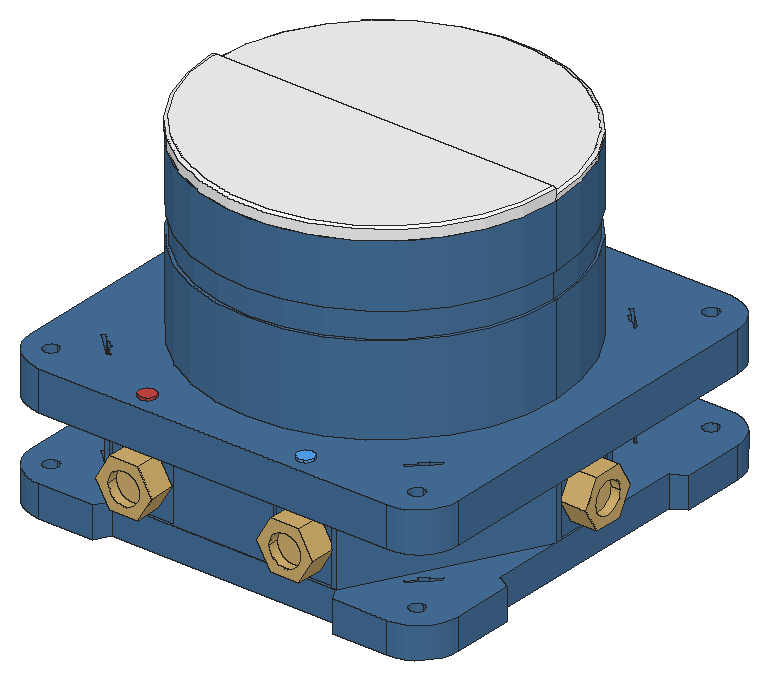
Revit family "Rough-In_Box-Universal-Grohe-Rapido-35601", category Plumbing Fixtures, host Face, Revit 2019
Family settings
  Host = Face
  Round Connector Dimension = Use Diameter
  Part Type = Normal
  OmniClass Number = 23.65.55.14.11
  OmniClass Title = Inlet/Outlet Valves for Liquid Services
  Cut with Voids When Loaded = Yes
  Shared = Yes
  Room Calculation Point = No
Parameters (values of type "35601000")
  Width = 7 1/16"
  Waste Connection = no
  Warranty Information = "Limited Lifetime Warranty"
  WFU = 4
  Vent Connection = no
  URL = "https://www.grohe.ca/en_ca/"
  Type Comments = ""
  Revised Date = "11/14/2023"
  Product Page URL = "https://www.grohe.ca/Diverter-Valves-Trims/Universal-Rough-In-Box/GROHE-NO-FINISH-35601000?gad_source=1&gclid=CjwKCAiA0syqBhBxEiwAeNx9N_Qd0zaOqZb1xldY0tOnhG6A_JnK9a7baYGUlCFghxJznnqlMiEuCBoCKqMQAvD_BwE"
  Product Documentation Link = "https://lixil.cdn.celum.cloud/20030_35601_0_RapidoSmartBox_SpecSheet_original.pdf"
  Price = "Prices may vary. Please consult Manufacturer Representative for most up-to-date price list."  # constant formula
  Port C Connection Description = if(Port C, "1/2'' Global Outlet NPT-FIP ", "")  # "1/2'' Global Outlet NPT-FIP "
  Port C Connection = if(Port C, 1/2", 0")  # 1/2"
  Port C = yes
  Port B Connection Description = if(Port B, "1/2''Global Outlet NPT-FIP", "")  # "1/2''Global Outlet NPT-FIP"
  Port B Connection = if(Port B, 1/2", 0")  # 1/2"
  Port B = yes
  Port A Connection Description = if(Port A, "1/2'' Global Outlet NPT-FIP", "")  # "1/2'' Global Outlet NPT-FIP"
  Port A Connection = if(Port A, 1/2", 0")  # 1/2"
  Port A = yes
  Model = "35601000"
  Material = "Plastic-GROHE-Blue"
  Manufacturer = "Grohe"
  Length = 7 1/16"
  Installation Type = "In-Wall"
  Hot Water Connection Diameter = 1/2"
  HWFU = 3
  HW Connection = yes
  Finish = Plastic-GROHE-Blue
  Description = "Rapido Smartbox Universal Rough-In Box"
  Depth = 2 15/16"
  Default Elevation = 40"
  Creation Date = "15/12/2017"
  Cold Water Connection Diameter = 1/2"
  CWFU = 3
  CW Connection = yes
  Assembly Code = "D2020300"
Reference planes (in)
  plane 1 "Center (Front/Back)": y = 0
  plane 2: z = 0
  plane 3 "Center (Left/Right)": x = 0
  plane 4: y = -3.38044
  plane 5: y = 3.38044
  plane 6: z = -1.9375
  plane 7: x = -3.375
  plane 8: x = 3.375
  plane 9: x = 2.71875
  plane 10: y = 3.53125
  plane 11: y = -3.53125
  plane 12: x = -3.53125
  plane 13: x = 3.53125
  plane 14: z = -0.9375
  plane 15: z = -1.4375
  plane 16: z = -2.44835
  plane 17: z = -2.9375
Forms (in)
  Extrusion 1, void
    sketch origin (0, 0, 0) x (1, 0, 0) y (0, 1, 0)
      loop
        line (-2.87731, -3.53691) -> (2.87745, -3.53691)
        arc (2.87745, -3.53691) -> (3.33976, -3.34542) -> (3.53125, -2.88312) r 0.6538
        line (3.53125, -2.88312) -> (3.53125, 2.88303)
        arc (3.53125, 2.88303) -> (3.33972, 3.34543) -> (2.87731, 3.53696) r 0.65394
        line (2.87731, 3.53696) -> (-2.87731, 3.53696)
        arc (-2.87731, 3.53696) -> (-3.33972, 3.34543) -> (-3.53125, 2.88303) r 0.65394
        line (-3.53125, 2.88303) -> (-3.53125, -2.88298)
        arc (-3.53125, -2.88298) -> (-3.33972, -3.34538) -> (-2.87731, -3.53691) r 0.65394
    from -2.9375 to 0.58835
  Revolve 2, solid, material "Plastic-GROHE-Blue"
    sketch origin (30.01502, 0, 10.65854) x (1, 0, 0) y (0, 0, 1)
      loop
        line (-27.29627, -11.47104) -> (-27.29627, -10.07019) -> (-27.33934, -10.07019) -> (-27.33934, -9.65314) -> (-27.29627, -9.65314) -> (-27.29627, -8.65854) -> (-30.01502, -8.65854) -> (-30.01502, -11.47104) -> (-27.29627, -11.47104)
      axis (-30.01502, -11.47104) -> (-30.01502, -8.65854)
    angle from 0 to 360
  Revolve 3, solid, material "Plastic-GROHE-White"
    sketch origin (-31.16183, -0.00055, 9.60974) x (-1, 0, 0) y (0, 0, 1)
      loop
        line (-28.44364, -7.60974) -> (-28.44364, -7.44594) -> (-28.49288, -7.41831) -> (-31.16183, -7.41831) -> (-31.16183, -7.60974) -> (-28.44364, -7.60974)
      axis (-31.16183, -7.60974) -> (-31.16183, -7.41831)
    angle from 0 to 180
  Revolve 4, solid, material "Plastic-GROHE-White"
    sketch origin (-29.64683, -0.00055, 11.70527) x (-1, 0, 0) y (0, 0, 1)
      loop
        line (-26.92863, -9.70527) -> (-26.92863, -9.63321) -> (-26.97805, -9.60558) -> (-29.64683, -9.60558) -> (-29.64683, -9.70527) -> (-26.92863, -9.70527)
      axis (-29.64683, -9.70527) -> (-29.64683, -9.60558)
    angle from 0 to -180
  Extrusion 5, solid, material "Plastic-GROHE-Blue"
    sketch origin (29.39188, 12.31267, -1.64741) x (1, 0, 0) y (0, 1, 0)
      loop
        arc (-26.64174, -15.69311) -> (-26.1999, -15.51009) -> (-26.01688, -15.06824) r 0.62487
        line (-26.01688, -15.06824) -> (-26.01688, -9.55723)
        arc (-26.01688, -9.55723) -> (-26.19994, -9.11529) -> (-26.64188, -8.93223) r 0.625
        line (-26.64188, -8.93223) -> (-32.14188, -8.93223)
        arc (-32.14188, -8.93223) -> (-32.58382, -9.11529) -> (-32.76688, -9.55723) r 0.625
        line (-32.76688, -9.55723) -> (-32.76688, -15.06811)
        arc (-32.76688, -15.06811) -> (-32.58382, -15.51005) -> (-32.14188, -15.69311) r 0.625
        line (-32.14188, -15.69311) -> (-26.64174, -15.69311)
    from 0.20991 to 0.83491
  Extrusion 6, solid, material "Plastic-GROHE-Blue"
    sketch origin (-29.3596, -15.51746, -1.5498) x (-1, 0, 0) y (0, -1, 0)
      loop
        line (-32.5181, -16.05548) -> (-29.89755, -18.68146) -> (-29.81727, -18.68146) -> (-29.81727, -18.64062) -> (-28.90181, -18.64062) -> (-28.90181, -18.68146) -> (-28.82152, -18.68146) -> (-26.20098, -16.05548) -> (-26.20098, -15.97519) -> (-26.24182, -15.97519) -> (-26.24182, -15.05974) -> (-26.20098, -15.05974) -> (-26.20098, -14.97945) -> (-27.47303, -12.35347) -> (-27.55345, -12.35347) -> (-27.55345, -12.39431) -> (-28.56865, -12.39431) -> (-28.56865, -12.35347) -> (-30.15056, -12.35347) -> (-30.15056, -12.39431) -> (-31.06601, -12.39431) -> (-31.06601, -12.35347) -> (-31.1463, -12.35347) -> (-32.5181, -14.97945) -> (-32.5181, -15.05974) -> (-32.47726, -15.05974) -> (-32.47726, -15.97519) -> (-32.5181, -15.97519) -> (-32.5181, -16.05548)
    from -0.89855 to 0.1123
  Extrusion 7, solid, material "Plastic-GROHE-Blue"
    sketch origin (-15.05213, -0.15327, -3.37003) x (-1, 0, 0) y (0, -1, 0)
      loop
        arc (-17.80226, 3.22717) -> (-18.24411, 3.04415) -> (-18.42713, 2.6023) r 0.62487
        line (-18.42713, 2.6023) -> (-18.42713, 1.6418) -> (-18.21076, 1.51688) -> (-18.21076, -1.82341) -> (-18.42713, -1.94833) -> (-18.42713, -2.9087)
        arc (-18.42713, -2.9087) -> (-18.24407, -3.35064) -> (-17.80213, -3.5337) r 0.625
        line (-17.80213, -3.5337) -> (-16.94701, -3.5337) -> (-16.82209, -3.31733) -> (-13.28231, -3.31733) -> (-13.15739, -3.5337) -> (-12.30213, -3.5337)
        arc (-12.30213, -3.5337) -> (-11.86019, -3.35064) -> (-11.67713, -2.9087) r 0.625
        line (-11.67713, -2.9087) -> (-11.67713, -1.94841) -> (-11.89364, -1.82341) -> (-11.89364, 1.51688) -> (-11.67713, 1.64188) -> (-11.67713, 2.60217)
        arc (-11.67713, 2.60217) -> (-11.86019, 3.04411) -> (-12.30213, 3.22717) r 0.625
        line (-12.30213, 3.22717) -> (-13.15731, 3.22717) -> (-13.28231, 3.01067) -> (-16.82209, 3.01067) -> (-16.94709, 3.22717) -> (-17.80226, 3.22717)
    from 0.43253 to 0.92168
  Extrusion 8, solid, material "Copper-Grohe-000-Brass"
    sketch origin (-3.11779, -0.01465, -0.88119) x (0, -1, 0) y (0, 0, 1)
      loop
        circle (-0.01465, -1.04147) r 0.25
    from -6.49279 to 0.25721
  Extrusion 9, solid, material "Copper-Grohe-000-Brass"
    sketch origin (-1.52776, -3.53125, -0.09937) x (1, 0, 0) y (0, 0, 1)
      loop
        line (0.01254, -1.45252) -> (-0.20792, -1.83438) -> (0.01254, -2.21624) -> (0.45347, -2.21624) -> (0.67394, -1.83438) -> (0.45347, -1.45252) -> (0.01254, -1.45252)
      loop
        circle (0.24013, -1.83816) r 0.25
    from -0.40503 to 0
  Extrusion 10, solid, material "Copper-Grohe-000-Brass"
    sketch origin (4.39964, -3.53125, -5.17845) x (-1, 0, 0) y (0, 0, -1)
      loop
        line (3.36254, -3.64436) -> (3.58313, -3.26228) -> (3.36254, -2.8802) -> (2.92135, -2.8802) -> (2.70076, -3.26228) -> (2.92135, -3.64436) -> (3.36254, -3.64436)
      loop
        circle (3.14195, -3.25589) r 0.25
    from -0.40503 to 0
  Extrusion 11, solid, material "Copper-Grohe-000-Brass"
    sketch origin (-3.53125, -0.52721, -0.90956) x (0, -1, 0) y (0, 0, 1)
      loop
        line (-0.74211, -0.64087) -> (-0.95702, -1.0131) -> (-0.74211, -1.38533) -> (-0.3123, -1.38533) -> (-0.09739, -1.0131) -> (-0.3123, -0.64087) -> (-0.74211, -0.64087)
      loop
        circle (-0.52721, -1.0131) r 0.25
    from -0.40503 to 0
  Extrusion 12, solid, material "Copper-Grohe-000-Brass"
    sketch origin (3.53125, 0.26778, -1.09583) x (0, 1, 0) y (0, 0, 1)
      loop
        line (-0.48636, -0.44727) -> (-0.70495, -0.82587) -> (-0.48636, -1.20448) -> (-0.04919, -1.20448) -> (0.1694, -0.82587) -> (-0.04919, -0.44727) -> (-0.48636, -0.44727)
      loop
        circle (-0.26778, -0.82587) r 0.25095
    from -0.40503 to 0
  Extrusion 13, solid, material "Copper-Grohe-000-Brass"
    sketch origin (-0.91755, 3.12316, -0.62554) x (1, 0, 0) y (0, 0, -1)
      loop
        circle (0.91755, 1.27769) r 0.25
    from -3.12316 to 0.25728
  Extrusion 14, solid, material "Copper-Grohe-000-Brass"
    sketch origin (-0.42911, 3.53125, -0.50715) x (1, 0, 0) y (0, 0, -1)
      loop
        line (0.64754, 1.01187) -> (0.86598, 1.39021) -> (0.64754, 1.76855) -> (0.21067, 1.76855) -> (-0.00777, 1.39021) -> (0.21067, 1.01187) -> (0.64754, 1.01187)
      loop
        circle (0.42911, 1.39534) r 0.24926
    from -0.40503 to 0
  Extrusion 15, solid, material "Copper-Grohe-000-Brass"
    sketch origin (-1.77537, -3.12316, -0.50888) x (1, 0, 0) y (0, 0, 1)
      loop
        circle (0.48774, -1.42864) r 0.25
    from -3.12622 to 0.25728
  Extrusion 16, solid, material "Copper-Grohe-000-Brass"
    sketch origin (4.44327, -3.12316, -5.857) x (-1, 0, 0) y (0, 0, -1)
      loop
        circle (3.18557, -3.93513) r 0.25
    from -3.12622 to 0.25728
  Extrusion 17, void
    sketch origin (26.40909, 13.36395, -0.8125) x (0, 1, 0) y (1, 0, 0)
      loop
        line (-11.33481, -24.0191) -> (-11.37727, -24.06156) -> (-11.25632, -24.18251) -> (-11.27937, -24.20555) -> (-11.17621, -24.30871) -> (-11.15316, -24.28567) -> (-11.02372, -24.41511) -> (-10.98126, -24.37265) -> (-11.33481, -24.0191)
      loop
        line (-11.36606, -28.77356) -> (-11.01251, -28.42) -> (-11.05497, -28.37755) -> (-11.18441, -28.50699) -> (-11.20746, -28.48395) -> (-11.31062, -28.58711) -> (-11.28757, -28.61015) -> (-11.40852, -28.7311) -> (-11.36606, -28.77356)
      loop
        circle (-10.46108, -23.56746) r 0.1162
      loop
        circle (-10.46108, -29.35019) r 0.1162
      loop
        line (-15.51919, -23.73785) -> (-15.87274, -24.0914) -> (-15.83028, -24.13386) -> (-15.70084, -24.00442) -> (-15.6778, -24.02746) -> (-15.57464, -23.9243) -> (-15.59768, -23.90126) -> (-15.47673, -23.78031) -> (-15.51919, -23.73785)
      loop
        line (-15.61294, -29.08606) -> (-15.57048, -29.0436) -> (-15.69143, -28.92265) -> (-15.66839, -28.89961) -> (-15.77155, -28.79645) -> (-15.79459, -28.81949) -> (-15.92403, -28.69005) -> (-15.96649, -28.7325) -> (-15.61294, -29.08606)
      loop
        circle (-16.26792, -23.56746) r 0.1162
      loop
        circle (-16.26792, -29.35019) r 0.1162
    from -0.20234 to 2.33839
  Extrusion 18, solid, material "Plastic-GROHE-Red"
    sketch origin (0, 0, 0) x (1, 0, 0) y (0, 1, 0)
      loop
        circle (-1.28094, -3.07456) r 0.12779
    from -0.8125 to -0.78346
  Extrusion 19, solid, material "Plastic-GROHE-Light-Blue"
    sketch origin (2.5, 0, 0) x (1, 0, 0) y (0, 1, 0)
      loop
        circle (-1.28094, -3.07456) r 0.12779
    from -0.8125 to -0.78346
Cuts and joins
  joined: Extrusion 8, Extrusion 9, Extrusion 10, Extrusion 11, Extrusion 13
  Extrusion 17 cuts Extrusion 5
  Extrusion 17 cuts Extrusion 7
Lines and regions (in)
  Masking region 1
    outline origin (0, 0, 0) x (1, 0, 0) y (0, 0, 1)
      loop
        line (-3.375, -2.9375) -> (3.375, -2.9375) -> (3.375, -2.44835) -> (3.15863, -2.44835) -> (3.15863, -2.29489) -> (3.53125, -2.29489) -> (3.53125, -1.55043) -> (3.15863, -1.55043) -> (3.15863, -1.4375) -> (3.375, -1.4375) -> (3.375, -0.8125) -> (2.71875, -0.8125) -> (2.71875, 0.58835) -> (2.67568, 0.58835) -> (2.67568, 1.0054) -> (2.71875, 1.0054) -> (2.71875, 2.16349) -> (2.66895, 2.19143) -> (-2.66895, 2.19143) -> (-2.71875, 2.16349) -> (-2.71875, 1.0054) -> (-2.67568, 1.0054) -> (-2.67568, 0.58835) -> (-2.71875, 0.58835) -> (-2.71875, -0.8125) -> (-3.375, -0.8125) -> (-3.375, -1.4375) -> (-3.15863, -1.4375) -> (-3.15863, -1.55043) -> (-3.53125, -1.55043) -> (-3.53125, -2.29489) -> (-3.15863, -2.29489) -> (-3.15863, -2.44835) -> (-3.375, -2.44835) -> (-3.375, -2.9375)
  symbolic lines, detail levels medium+fine
    curve 1: line (2.75, 0, -0.8125) -> (-2.71875, 0, -0.8125)
    curve 2: line (0.21844, 0, -1.51902) -> (-0.21844, 0, -1.51902)
    curve 3: line (-0.21844, 0, -1.51902) -> (-0.43687, 0, -1.89736)
    curve 4: line (-0.43687, 0, -1.89736) -> (-0.21844, 0, -2.27571)
    curve 5: line (-0.21844, 0, -2.27571) -> (0.21844, 0, -2.27571)
    curve 6: line (0.21844, 0, -2.27571) -> (0.43687, 0, -1.89736)
    curve 7: line (0.43687, 0, -1.89736) -> (0.21844, 0, -1.51902)
    curve 19: line (-3.15863, 0, -1.55043) -> (-3.15863, 0, -2.29489)
    curve 21: line (3.15877, 0, -1.55043) -> (3.15877, 0, -2.29489)
  symbolic lines, detail levels fine
    curve 8: circle (0, 0, -1.9025) r 0.24932 normal (0, -1, 0)
    curve 9: line (-3.15863, 0, -2.44835) -> (3.15863, 0, -2.44835)
    curve 10: line (3.15863, 0, -1.4375) -> (-3.15863, 0, -1.4375)
    curve 11: line (2.67568, 0, 0.58835) -> (-2.67568, 0, 0.58835)
    curve 12: line (2.67568, 0, 1.0054) -> (-2.67568, 0, 1.0054)
    curve 13: line (2.7182, 0, 2.07206) -> (2.66878, 0, 2.09969)
    curve 14: line (2.66878, 0, 2.09969) -> (-2.66878, 0, 2.09969)
    curve 15: line (-2.66878, 0, 2.09969) -> (-2.7182, 0, 2.07206)
    curve 16: line (-2.7182, 0, 2.07206) -> (2.7182, 0, 2.07206)
    curve 17: line (2.7182, 0, 2.1638) -> (-2.7182, 0, 2.1638)
    curve 18: line (-2.71875, 0, 2) -> (2.7182, 0, 2)
    curve 20: line (-3.53125, 0, -1.92266) -> (-3.15863, 0, -1.92266)
    curve 22: line (3.53139, 0, -1.92266) -> (3.15877, 0, -1.92266)
Dimensions and locks (in)
  plane 7 to plane 8 = 6 3/4"
  plane 4 to plane 5 = 6.76087"
  "Length": plane 10 to plane 11
  "Width": plane 12 to plane 13
  host face to plane 14 = 15/16"
  locked: plane 14 to plane 15 at 0.5
  locked: plane 15 to plane 6 at 0.5
  locked: plane 16 to plane 17 at 0.48915
  locked: plane 6 to plane 16 at 0.51085
  "Depth": host face to plane 17
  diameter of Revolve 4 = 5.43639"
  aligned and locked: plane 2 to host face
  aligned and locked: level to host face
  aligned and locked: plane 4 to Extrusion 5
  aligned and locked: plane 5 to Extrusion 5
  aligned and locked: plane 8 to Extrusion 5
  aligned and locked: plane 7 to Extrusion 5
  aligned and locked: plane 15 to Extrusion 5
  aligned and locked: Extrusion 7 to plane 16
  aligned and locked: plane 17 to Extrusion 7
  aligned and locked: Extrusion 6 to Extrusion 5
  aligned and locked: Extrusion 6 to Extrusion 7
  aligned and locked: Extrusion 5 to Revolve 2
Automatic sketch dimensions
  host sketch curve to host sketch curve = 0.43687"
  host sketch curve to host sketch curve = 0.43717"
  Extrusion 8 sketch curve to plane 1 "Center (Front/Back)" = 0"
  plane 6 to Extrusion 8 sketch curve = 0.01484"
  curve 20 to plane 12 = 0"
  curve 10 to plane 15 = 0"
  curve 9 to plane 16 = 0"
  curve 8 to plane 3 "Center (Left/Right)" = 0"
  plane 7 to curve 15 = 0.6568"
  curve 15 to curve 15 = 0.04942"
  plane 6 to curve 3 = 0.04014"
  curve 3 to plane 3 "Center (Left/Right)" = 0.43687"
  plane 15 to curve 2 = 0.08152"
  curve 2 to plane 3 "Center (Left/Right)" = 0.21844"
  curve 5 to plane 3 "Center (Left/Right)" = 0.21844"
  plane 3 "Center (Left/Right)" to curve 2 = 0.21844"
  plane 3 "Center (Left/Right)" to curve 5 = 0.21844"
  plane 6 to curve 6 = 0.04014"
  curve 5 to curve 6 = 0.21844"
  curve 14 to plane 8 = 0.70622"
  curve 13 to curve 16 = 0.04942"
  curve 5 to plane 16 = 0.17264"
  plane 6 to curve 8 = 0.035"
  level to curve 15 = 2.07206"
  curve 13 to curve 14 = 0.02763"
  plane 7 to curve 19 = 0.21637"
  curve 10 to curve 19 = 0"
  curve 19 to curve 9 = 0"
  curve 18 to curve 15 = 0.00055"
  plane 14 to curve 1 = 1/8"
  plane 7 to curve 1 = 21/32"
  curve 17 to curve 14 = 0.04942"
  plane 7 to curve 12 = 0.69932"
  curve 12 to curve 11 = 0"  (x2)
  curve 11 to plane 8 = 0.69932"
  curve 13 to curve 18 = 0"
  curve 13 to curve 17 = 0.04942"
  curve 1 to plane 8 = 5/8"
  curve 9 to plane 8 = 0.21637"
  curve 10 to plane 8 = 0.21637"
  curve 9 to curve 21 = 0.00014"
  plane 13 to curve 22 = 0.00014"
  curve 21 to plane 16 = 0.15346"
  curve 19 to plane 16 = 0.15346"
  plane 6 to curve 22 = 0.01484"
  plane 6 to curve 20 = 0.01484"
  plane 15 to curve 21 = 0.11293"
  plane 15 to curve 19 = 0.11293"
  level to curve 11 = 0.58835"
  curve 11 to curve 12 = 0.41705"
  curve 18 to curve 13 = 0.07206"
  curve 13 to curve 17 = 0.06411"
  Extrusion 1 sketch curve to plane 12 = 0"
  Extrusion 1 sketch curve to plane 13 = 0"
  plane 7 to Extrusion 1 sketch curve = 0.49769"  (x2)
  plane 10 to Extrusion 1 sketch curve = 0.00571"
  Extrusion 1 sketch curve to plane 8 = 0.49769"
  Extrusion 1 sketch curve to plane 8 = 0.49755"
  Extrusion 1 sketch curve to plane 4 = 0.49746"
  Revolve 2 sketch curve to plane 3 "Center (Left/Right)" = 0"  (x2)
  plane 9 to Revolve 2 sketch curve = 0"  (x2)
  Revolve 2 sketch curve to Revolve 2 sketch curve = 0.04307"
  plane 14 to Revolve 2 sketch curve = 1/8"
  level to Revolve 2 sketch curve = 0.58835"
  Revolve 2 sketch curve to Revolve 2 sketch curve = 0.41705"
  level to Revolve 2 sketch curve = 2"
  Revolve 2 sketch curve to plane 17 = 0.1758"
  plane 17 to Revolve 2 sketch curve = 0.3242"
  Revolve 3 sketch curve to plane 3 "Center (Left/Right)" = 0"  (x2)
  plane 7 to Revolve 3 sketch curve = 0.70605"
  Revolve 3 sketch curve to Revolve 3 sketch curve = 0.04924"
  level to Revolve 3 sketch curve = 2"
  Revolve 3 sketch curve to Revolve 3 sketch curve = 0.1638"
  Revolve 3 sketch curve to Revolve 3 sketch curve = 0.02763"
  Revolve 3 sketch curve to plane 15 = 0.2383"
  plane 6 to Revolve 3 sketch curve = 0.2383"
  Revolve 4 sketch curve to plane 3 "Center (Left/Right)" = 0"  (x2)
  plane 7 to Revolve 4 sketch curve = 0.70622"
  Revolve 4 sketch curve to Revolve 4 sketch curve = 0.04942"
  level to Revolve 4 sketch curve = 2"
  Revolve 4 sketch curve to Revolve 4 sketch curve = 0.07206"
  Revolve 4 sketch curve to Revolve 4 sketch curve = 0.02763"
  Revolve 4 sketch curve to plane 15 = 0.2383"
  plane 6 to Revolve 4 sketch curve = 0.2383"
  Extrusion 5 sketch curve to plane 7 = 0"
  plane 5 to Extrusion 5 sketch curve = 0"
  plane 4 to Extrusion 5 sketch curve = 0"
  Extrusion 5 sketch curve to plane 8 = 0"
  plane 7 to Extrusion 5 sketch curve = 5/8"  (x2)
  Extrusion 5 sketch curve to Extrusion 5 sketch curve = 5/8"
  Extrusion 5 sketch curve to plane 4 = 0.62487"
  Extrusion 6 sketch curve to plane 8 = 0.21651"  (x2)
  Extrusion 6 sketch curve to Extrusion 6 sketch curve = 0.04084"  (x5)
  Extrusion 6 sketch curve to plane 4 = 0.21644"  (x2)
  Extrusion 6 sketch curve to plane 8 = 1.5883"
  Extrusion 6 sketch curve to Extrusion 6 sketch curve = 0.08029"  (x7)
  Extrusion 6 sketch curve to plane 4 = 0.25728"  (x2)
  plane 3 "Center (Left/Right)" to Extrusion 6 sketch curve = 0.79095"
  plane 5 to Extrusion 6 sketch curve = 0.21644"  (x2)
  plane 3 "Center (Left/Right)" to Extrusion 6 sketch curve = 0.53795"
  Extrusion 6 sketch curve to plane 3 "Center (Left/Right)" = 0.45779"
  Extrusion 6 sketch curve to plane 3 "Center (Left/Right)" = 0.79095"
  Extrusion 6 sketch curve to Extrusion 6 sketch curve = 1.0152"
  Extrusion 6 sketch curve to Extrusion 6 sketch curve = 0.08042"
  plane 7 to Extrusion 6 sketch curve = 0.25721"
  Extrusion 6 sketch curve to plane 1 "Center (Front/Back)" = 0.53801"  (x2)
  plane 1 "Center (Front/Back)" to Extrusion 6 sketch curve = 0.45773"  (x2)
  Extrusion 7 sketch curve to plane 8 = 0"  (x2)
  plane 4 to Extrusion 7 sketch curve = 0"  (x2)
  plane 5 to Extrusion 7 sketch curve = 0"  (x2)
  Extrusion 7 sketch curve to plane 7 = 0"  (x2)
  Extrusion 7 sketch curve to plane 8 = 0.21637"
  Extrusion 7 sketch curve to plane 4 = 0.62487"
  Extrusion 7 sketch curve to plane 8 = 5/8"
  Extrusion 7 sketch curve to Extrusion 7 sketch curve = 0.85518"
  Extrusion 7 sketch curve to Extrusion 7 sketch curve = 0.85512"
  Extrusion 7 sketch curve to plane 4 = 0.21651"
  Extrusion 7 sketch curve to Extrusion 7 sketch curve = 1/8"  (x4)
  plane 5 to Extrusion 7 sketch curve = 0.21637"
  Extrusion 7 sketch curve to Extrusion 7 sketch curve = 0.12492"  (x4)
  plane 7 to Extrusion 7 sketch curve = 1.60518"  (x2)
  plane 7 to Extrusion 7 sketch curve = 5/8"  (x2)
  plane 7 to Extrusion 7 sketch curve = 0.21651"
  Extrusion 7 sketch curve to Extrusion 7 sketch curve = 0.9603"
  Extrusion 7 sketch curve to Extrusion 7 sketch curve = 0.96037"
  Extrusion 7 sketch curve to Extrusion 7 sketch curve = 1.08543"
  Extrusion 7 sketch curve to Extrusion 7 sketch curve = 1.0853"
  plane 6 to Extrusion 9 sketch curve = 0.00375"  (x2)
  plane 7 to Extrusion 9 sketch curve = 1.63932"
  Extrusion 9 sketch curve to plane 16 = 0.13274"
  Extrusion 9 sketch curve to Extrusion 9 sketch curve = 0.22047"  (x2)
  plane 15 to Extrusion 9 sketch curve = 0.11439"
  Extrusion 9 sketch curve to plane 6 = 0.00002"
  Extrusion 9 sketch curve to Extrusion 9 sketch curve = 0.22758"
  Extrusion 9 sketch curve to Extrusion 9 sketch curve = 0.21335"  (x2)
  Extrusion 9 sketch curve to Extrusion 9 sketch curve = 0.43381"
  plane 6 to Extrusion 10 sketch curve = 0.02133"  (x2)
  Extrusion 10 sketch curve to plane 8 = 1.67611"
  plane 15 to Extrusion 10 sketch curve = 0.09659"
  Extrusion 10 sketch curve to Extrusion 10 sketch curve = 0.22059"  (x5)
  Extrusion 10 sketch curve to plane 16 = 0.1501"
  plane 6 to Extrusion 10 sketch curve = 0.01494"
  Extrusion 10 sketch curve to Extrusion 10 sketch curve = 0.44119"
  Extrusion 11 sketch curve to plane 1 "Center (Front/Back)" = 0"
  Extrusion 11 sketch curve to plane 1 "Center (Front/Back)" = 0.21491"  (x2)
  plane 6 to Extrusion 11 sketch curve = 0.01484"  (x3)
  Extrusion 11 sketch curve to plane 1 "Center (Front/Back)" = 0.42981"
  plane 1 "Center (Front/Back)" to Extrusion 11 sketch curve = 0.21491"  (x2)
  Extrusion 11 sketch curve to Extrusion 11 sketch curve = 0.21491"
  Extrusion 11 sketch curve to plane 16 = 0.15346"
  plane 15 to Extrusion 11 sketch curve = 0.11293"
  Extrusion 12 sketch curve to plane 1 "Center (Front/Back)" = 0"
  plane 15 to Extrusion 12 sketch curve = 0.1056"
  plane 1 "Center (Front/Back)" to Extrusion 12 sketch curve = 0.21859"  (x2)
  plane 6 to Extrusion 12 sketch curve = 0.0158"  (x3)
  Extrusion 12 sketch curve to Extrusion 12 sketch curve = 0.21859"
  Extrusion 12 sketch curve to plane 1 "Center (Front/Back)" = 0.21859"  (x2)
  Extrusion 12 sketch curve to Extrusion 12 sketch curve = 0.43717"
  Extrusion 12 sketch curve to plane 16 = 0.14804"
  Extrusion 13 sketch curve to plane 3 "Center (Left/Right)" = 0"
  plane 6 to Extrusion 13 sketch curve = 0.03426"
  Extrusion 14 sketch curve to plane 3 "Center (Left/Right)" = 0"
  Extrusion 14 sketch curve to plane 3 "Center (Left/Right)" = 0.21844"  (x2)
  plane 15 to Extrusion 14 sketch curve = 0.08152"
  plane 6 to Extrusion 14 sketch curve = 0.04014"  (x2)
  Extrusion 14 sketch curve to plane 3 "Center (Left/Right)" = 0.43687"
  plane 3 "Center (Left/Right)" to Extrusion 14 sketch curve = 0.21844"  (x2)
  Extrusion 14 sketch curve to Extrusion 14 sketch curve = 0.21844"
  plane 6 to Extrusion 14 sketch curve = 0.035"
  Extrusion 14 sketch curve to plane 16 = 0.17264"
  Extrusion 15 sketch curve to plane 6 = 0.00002"
  Extrusion 15 sketch curve to plane 3 "Center (Left/Right)" = 1.28763"
  plane 6 to Extrusion 16 sketch curve = 1/64"
  plane 3 "Center (Left/Right)" to Extrusion 16 sketch curve = 1.2577"
  Extrusion 17 sketch curve to plane 4 = 0.47647"  (x2)
  Extrusion 17 sketch curve to Extrusion 17 sketch curve = 0.30143"
  Extrusion 17 sketch curve to Extrusion 17 sketch curve = 0.04246"  (x8)
  Extrusion 17 sketch curve to Extrusion 17 sketch curve = 0.39518"
  Extrusion 17 sketch curve to Extrusion 17 sketch curve = 0.12945"  (x4)
  Extrusion 17 sketch curve to Extrusion 17 sketch curve = 0.02304"  (x8)
  Extrusion 17 sketch curve to Extrusion 17 sketch curve = 0.10316"  (x4)
  Extrusion 17 sketch curve to Extrusion 17 sketch curve = 0.07849"  (x2)
  plane 5 to Extrusion 17 sketch curve = 1.42501"
  plane 5 to Extrusion 17 sketch curve = 1.39376"
  Extrusion 17 sketch curve to Extrusion 17 sketch curve = 0.09791"  (x2)
  plane 5 to Extrusion 17 sketch curve = 0.47757"  (x2)
  Extrusion 17 sketch curve to plane 8 = 0.53338"  (x2)
  Extrusion 17 sketch curve to plane 8 = 0.70377"
  Extrusion 17 sketch curve to Extrusion 17 sketch curve = 0.45164"
  plane 7 to Extrusion 17 sketch curve = 1.40654"
  plane 7 to Extrusion 17 sketch curve = 1.09404"
  plane 7 to Extrusion 17 sketch curve = 0.43389"  (x2)
  Extrusion 18 sketch curve to plane 4 = 0.30588"
  Extrusion 18 sketch curve to plane 3 "Center (Left/Right)" = 1.28094"
  Extrusion 19 sketch curve to plane 4 = 0.30588"
  plane 3 "Center (Left/Right)" to Extrusion 19 sketch curve = 1.21906"
  Masking region 1 sketch curve to plane 12 = 0"
  Masking region 1 sketch curve to plane 7 = 0"  (x2)
  Masking region 1 sketch curve to plane 15 = 0"  (x2)
  Masking region 1 sketch curve to plane 16 = 0"  (x2)
  Masking region 1 sketch curve to plane 8 = 0"  (x2)
  Masking region 1 sketch curve to plane 13 = 0"
  Masking region 1 sketch curve to plane 17 = 0"
  plane 7 to Masking region 1 sketch curve = 0.21637"  (x2)
  plane 7 to Masking region 1 sketch curve = 21/32"
  Masking region 1 sketch curve to Masking region 1 sketch curve = 0"
  Masking region 1 sketch curve to Masking region 1 sketch curve = 0.04307"
  Masking region 1 sketch curve to Masking region 1 sketch curve = 0.0498"  (x2)
  Masking region 1 sketch curve to plane 8 = 0.70605"
  Masking region 1 sketch curve to plane 8 = 0.69932"
  plane 14 to Masking region 1 sketch curve = 1/8"  (x2)
  Masking region 1 sketch curve to Masking region 1 sketch curve = 21/32"
  Masking region 1 sketch curve to plane 8 = 0.21637"  (x2)
  Masking region 1 sketch curve to plane 16 = 0.15346"
  Masking region 1 sketch curve to Masking region 1 sketch curve = 0.15346"
  Masking region 1 sketch curve to Masking region 1 sketch curve = 0.11293"  (x2)
  level to Masking region 1 sketch curve = 0.58835"  (x2)
  Masking region 1 sketch curve to Masking region 1 sketch curve = 0.41705"  (x2)
  Masking region 1 sketch curve to Masking region 1 sketch curve = 1.15809"  (x2)
  Masking region 1 sketch curve to Masking region 1 sketch curve = 0.02794"
  radius of Extrusion 8 sketch curve = 1/4"
  radius of curve 8 = 0.24932"
  radius of Extrusion 9 sketch curve = 1/4"
  radius of Extrusion 10 sketch curve = 1/4"
  radius of Extrusion 11 sketch curve = 1/4"
  radius of Extrusion 12 sketch curve = 0.25095"
  radius of Extrusion 13 sketch curve = 1/4"
  radius of Extrusion 14 sketch curve = 0.24926"
  radius of Extrusion 15 sketch curve = 1/4"
  radius of Extrusion 16 sketch curve = 1/4"
  radius of Extrusion 17 sketch curve = 0.1162"  (x4)
  radius of Extrusion 18 sketch curve = 0.12779"
  radius of Extrusion 19 sketch curve = 0.12779"
Connectors (in)
  piping at (-1.28763, -3.53125, -1.93752), diameter 0.5, driven by "Hot Water Connection Diameter", driven by "HWFU"
    settings: on cut or joined group of Extrusion 8, Extrusion 9, Extrusion 10, Extrusion 11, Extrusion 13, index 1, connector inside diameter 24", connector length 0", flow factor 0, pipe flow 0 GPM, pressure drop 0.00 psi, fitting loss kfactor 0, connector angle 0.00°, fixture units 3, engagement length 0", angle of deflection 0.00°, flow configuration 3, flow direction 1, fitting loss method 0, system type 19, joint type 0, gender type 0, connector reference index -1, connector utility 0, adjustable connector no, is connector primary yes, connector description "1/2\" HW Intlet NPT-FIP"
  piping at (3.53125, 0, -1.9217), diameter 0.5, driven by "Port C Connection", driven by "Port C Connection Description"
    settings: on Extrusion 12, index 3, connector inside diameter 24", connector length 0", flow factor 0, pipe flow 0 GPM, pressure drop 0.00 psi, fitting loss kfactor 0, connector angle 0.00°, fixture units 0, engagement length 0", angle of deflection 0.00°, flow configuration 0, flow direction 2, fitting loss method 0, system type 29, joint type 0, gender type 0, connector reference index -1, connector utility 0, adjustable connector no, is connector primary no, connector description "1/2'' Global Outlet NPT-FIP "
  piping at (-3.53125, 0, -1.92266), diameter 0.5, driven by "Port A Connection", driven by "Port A Connection Description"
    settings: on cut or joined group of Extrusion 8, Extrusion 9, Extrusion 10, Extrusion 11, Extrusion 13, index 5, connector inside diameter 24", connector length 0", flow factor 0, pipe flow 0 GPM, pressure drop 0.00 psi, fitting loss kfactor 0, connector angle 0.00°, fixture units 0, engagement length 0", angle of deflection 0.00°, flow configuration 0, flow direction 2, fitting loss method 0, system type 29, joint type 0, gender type 0, connector reference index -1, connector utility 0, adjustable connector no, is connector primary no, connector description "1/2'' Global Outlet NPT-FIP"
  piping at (0, 3.53125, -1.9025), diameter 0.5, driven by "Port B Connection", driven by "Port B Connection Description"
    settings: on Extrusion 14, index 6, connector inside diameter 24", connector length 0", flow factor 0, pipe flow 0 GPM, pressure drop 0.00 psi, fitting loss kfactor 0, connector angle 0.00°, fixture units 0, engagement length 0", angle of deflection 0.00°, flow configuration 0, flow direction 0, fitting loss method 0, system type 29, joint type 0, gender type 0, connector reference index -1, connector utility 0, adjustable connector no, is connector primary no, connector description "1/2''Global Outlet NPT-FIP"
  piping at (1.2577, -3.53125, -1.92256), diameter 0.5, driven by "Cold Water Connection Diameter", driven by "CWFU"
    settings: on cut or joined group of Extrusion 8, Extrusion 9, Extrusion 10, Extrusion 11, Extrusion 13, index 7, connector inside diameter 24", connector length 0", flow factor 0, pipe flow 0 GPM, pressure drop 0.00 psi, fitting loss kfactor 0, connector angle 0.00°, fixture units 3, engagement length 0", angle of deflection 0.00°, flow configuration 3, flow direction 1, fitting loss method 0, system type 20, joint type 0, gender type 0, connector reference index -1, connector utility 0, adjustable connector no, is connector primary no, connector description "1/2\" CW Intlet NPT-FIP"
